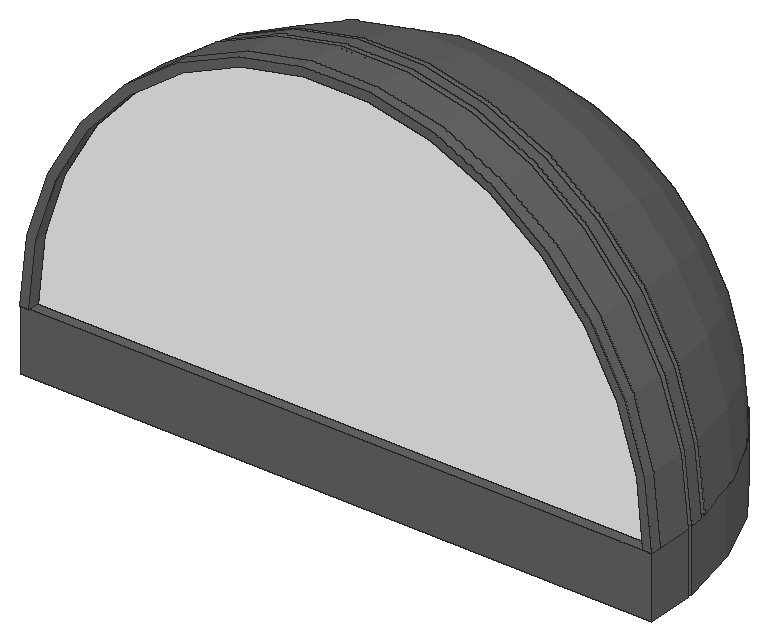
Revit family "QSP2", category Lighting Fixtures, host Face, Revit 2021
Family settings
  Host = Face
  Round Connector Dimension = Use Diameter
  Part Type = Normal
  OmniClass Number = 23.80.70.11
  OmniClass Title = Luminaries for Internal Lighting
  Cut with Voids When Loaded = No
  Light Source = Yes
  Shared = No
  Room Calculation Point = No
Parameters (values of type "QSP2")
  Wattage Comments = "30W"
  Wattage = 30 W
  built-in parameter 1150110 = 1 (stored number, unit not read)
  Voltage = 120 V
  URL = "https://www.currentlighting.com/exo"
  built-in parameter 1114217 = 1 (stored number, unit not read)
  Tilt Angle = -120.00°
  built-in parameter 1150109 = 1 (stored number, unit not read)
  built-in parameter 1150134 = 3
  built-in parameter 1150113 = 1 (stored number, unit not read)
  Product Page URL = ""
  Product Documentation Link = ""
  Photometric Web File = "TRP2-24L-30-3K7-1 (2).ies"
  Model = "QSP2"  # constant formula
  Manufacturer = "EXO"  # constant formula
  built-in parameter 1150105 = -14137770.2 (stored number, unit not read)
  Lumens = 3930 lm
  built-in parameter 1150115 = 1 (stored number, unit not read)
  Load Classification = Lighting
  built-in parameter 1150137 = (empty or 0)
  built-in parameter 1150139 = (empty or 0)
  built-in parameter 1150112 = 1 (stored number, unit not read)
  built-in parameter 1150114 = 1 (stored number, unit not read)
  Lamp = "LED"  # constant formula
  Opal lens = Glass - White
  built-in parameter 1150132 = (empty or 0)
  built-in parameter 1150102 = (empty or 0)
  built-in parameter 1150107 = 3200 (stored number, unit not read)
  built-in parameter 1150138 = (empty or 0)
  built-in parameter 1150106 = -141377.7 (stored number, unit not read)
  built-in parameter 1150104 = 12.17 (stored number, unit not read)
  Dimming Lamp Color Temperature Shift = <None>
  Description = "Architectural wallpack in two stylish shapes."  # constant formula
  Default Elevation = 48"
  Finish = Paint - Textured Camera Black
  Color Filter = 16777215
  built-in parameter 1114218 = 1 (stored number, unit not read)
  built-in parameter 1150133 = 10 (stored number, unit not read)
  Apparent Load = 0 VA
Reference planes (in)
  plane 1 "Center (Front/Back)": y = 2
  plane 2: z = 0
  plane 3 "Center (Left/Right)": x = 0
  plane 4: x = -6.545
  plane 5: x = 6.545
  plane 6: z = 7.81
  plane 7: y = -4.79
  plane 8: z = 1.265
Forms (in)
  Revolve 1, solid, material "Paint - Textured Camera Black" <- "Finish"
    sketch origin (0, 0, 0) x (0, 1, 0) y (0, 0, 1)
      loop
        line (1.81608, 1.265) -> (1.9953, 1.265)
        arc (1.9953, 1.265) -> (0.51277, 5.4133) -> (-3.26319, 7.68231) r 6.545
        arc (-3.26319, 7.68231) -> (-3.34076, 7.6298) -> (-3.39367, 7.7071) r 0.06641
        arc (-3.39367, 7.7071) -> (-3.53645, 7.73109) -> (-3.67972, 7.75192) r 6.545
        arc (-3.67972, 7.75192) -> (-3.75586, 7.69188) -> (-3.8151, 7.76864) r 0.06821
        arc (-3.8151, 7.76864) -> (-4.18182, 7.79965) -> (-4.5497, 7.81) r 6.545
        line (-4.5497, 7.81) -> (-4.79, 7.81) -> (-4.79, 7.63078) -> (-4.5497, 7.63078)
        arc (-4.5497, 7.63078) -> (-0.04841, 5.76629) -> (1.81608, 1.265) r 6.36578
      axis (1.9953, 1.265) -> (-4.79, 1.265)
    angle from -90 to 90
  Extrusion 2, solid, material "Paint - Textured Camera Black" <- "Finish"
    sketch origin (0, 0, 0) x (1, 0, 0) y (0, 1, 0)
      loop
        arc (-6.48692, -3.67972) -> (-6.44364, -3.75379) -> (-6.50364, -3.8151) r 0.07072
        arc (-6.50364, -3.8151) -> (-6.54031, -4.30186) -> (-6.54059, -4.79) r 6.545
        line (-6.54059, -4.79) -> (6.54059, -4.79)
        arc (6.54059, -4.79) -> (6.54031, -4.30186) -> (6.50364, -3.8151) r 6.545
        arc (6.50364, -3.8151) -> (6.44364, -3.75379) -> (6.48692, -3.67972) r 0.07072
        arc (6.48692, -3.67972) -> (4.27423, 0.40691) -> (-0.09333, 1.99463) r 6.545
        arc (-0.09333, 1.99463) -> (-4.18429, 0.48306) -> (-6.41731, -3.26319) r 6.545
        arc (-6.41731, -3.26319) -> (-6.3648, -3.34076) -> (-6.4421, -3.39367) r 0.06641
        arc (-6.4421, -3.39367) -> (-6.46609, -3.53645) -> (-6.48692, -3.67972) r 6.545
    from 0 to 1.265
  Extrusion 3, solid, material "Glass - White" <- "Opal lens"
    sketch origin (0, 2, 0) x (1, 0, 0) y (0, 0, 1)
      loop
        arc (6.36578, 1.265) -> (0, 7.63078) -> (-6.36578, 1.265) r 6.36578
        line (-6.36578, 1.265) -> (6.36578, 1.265)
    from 6.25658 to 6.55543
  Extrusion 4, solid, material "Glass - White" <- "Opal lens"
    sketch origin (0, 2, 0) x (1, 0, 0) y (0, 0, 1)
      loop
        arc (6.36578, 1.265) -> (0, 7.63078) -> (-6.36578, 1.265) r 6.36578
        line (-6.36578, 1.265) -> (6.36578, 1.265)
    from 5.67972 to 6.25658
Dimensions and locks (in)
  equal spacing: plane 4, plane 3 "Center (Left/Right)", plane 5
  locked: plane 4 to plane 5 at 13.09
  plane 6 to plane 2 = 7.81"
  plane 7 to plane 1 "Center (Front/Back)" = 6.79"
  plane 6 to plane 8 = 6.545"
  aligned and locked: plane 2 to host face
  aligned and locked: level to host face
  aligned and locked: Extrusion 2 to level
Automatic sketch dimensions
  host sketch curve to host sketch curve = 96"  (x2)
  Extrusion 2 sketch curve to plane 4 = 0.00441"
  Extrusion 2 sketch curve to plane 5 = 0.00441"
  Extrusion 2 sketch curve to plane 4 = 0.05808"
  plane 1 "Center (Front/Back)" to Extrusion 2 sketch curve = 0.00537"
  Extrusion 2 sketch curve to Extrusion 2 sketch curve = 0"  (x8)
  Extrusion 2 sketch curve to plane 4 = 0.03118"
  Extrusion 2 sketch curve to plane 4 = 0.04136"
  Extrusion 2 sketch curve to plane 5 = 0.05808"
  Extrusion 2 sketch curve to plane 5 = 0.04136"
  Extrusion 2 sketch curve to Extrusion 2 sketch curve = 0.13538"
  plane 7 to Extrusion 2 sketch curve = 0"
  Extrusion 2 sketch curve to plane 5 = 0.03118"
  Extrusion 2 sketch curve to plane 3 "Center (Left/Right)" = 0"
  Extrusion 2 sketch curve to plane 3 "Center (Left/Right)" = 0.09333"
  Extrusion 3 sketch curve to plane 3 "Center (Left/Right)" = 0"
  Extrusion 3 sketch curve to plane 5 = 0.17922"
  level to Extrusion 3 sketch curve = 1.265"
  Revolve 1 sketch curve to Revolve 1 sketch curve = 0"  (x6)
  Revolve 1 sketch curve to plane 7 = 0"
  Revolve 1 sketch curve to plane 6 = 0"
  Revolve 1 sketch curve to plane 8 = 0"  (x2)
  Revolve 1 sketch curve to plane 6 = 0.04136"
  Revolve 1 sketch curve to plane 6 = 0.05042"
  Revolve 1 sketch curve to Revolve 1 sketch curve = 0.0676"
  Revolve 1 sketch curve to plane 6 = 0.05808"
  Revolve 1 sketch curve to plane 6 = 0.11496"
  Revolve 1 sketch curve to Revolve 1 sketch curve = 1.79217"
  Revolve 1 sketch curve to Revolve 1 sketch curve = 1.97139"
  Revolve 1 sketch curve to Revolve 1 sketch curve = 0.17922"
  Revolve 1 sketch curve to Revolve 1 sketch curve = 0.06518"
  Revolve 1 sketch curve to Revolve 1 sketch curve = 0.0653"
  plane 1 "Center (Front/Back)" to Revolve 1 sketch curve = 0.18392"
  Extrusion 2 sketch curve to plane 4 = 0.1029"
  Extrusion 2 sketch curve to Extrusion 2 sketch curve = 0.01206"
  Extrusion 2 sketch curve to Extrusion 2 sketch curve = 0.01272"
  Extrusion 2 sketch curve to Extrusion 2 sketch curve = 0.06518"
  Extrusion 4 sketch curve to plane 3 "Center (Left/Right)" = 0"
  Extrusion 4 sketch curve to plane 5 = 0.17922"
  level to Extrusion 4 sketch curve = 1.265"
  radius of Revolve 1 sketch curve = 17/256"
Connectors (in)
  electrical at (0, 0, 0), driven by "Voltage", driven by "Apparent Load", driven by "Load Classification"
    settings: index 1, voltage 120 V, apparent load 0 VA, apparent load phase1 0 VA, apparent load phase2 0 VA, apparent load phase3 0 VA, power factor 1, load classification "Lighting", number of poles 1, system type 30, power factor state 1, is connector primary yes, connector utility no, sub classification motor no, connector description "Electrical Connector"
